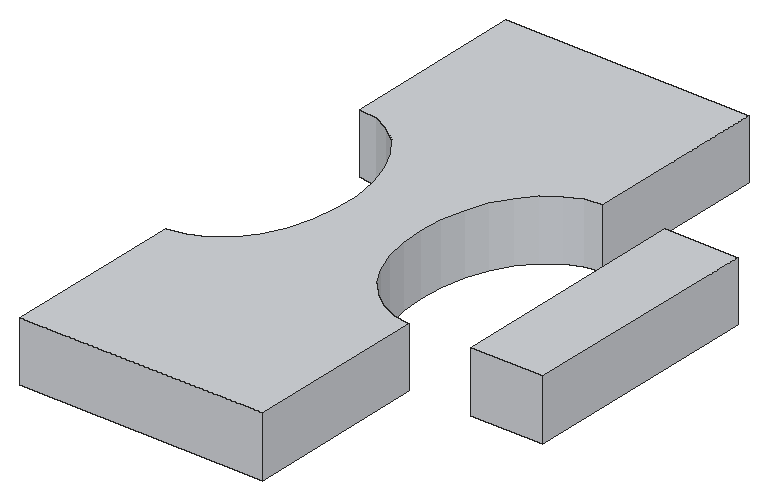
Revit family "電線管用ファミリ(片側のみ)_33", category Electrical Fixtures, Revit 2022
Family settings
  Round Connector Dimension = Use Diameter
  Part Type = Normal
  OmniClass Number = 23.80.00.00
  OmniClass Title = Electric Power and Lighting
  Work Plane-Based = No
  Always vertical = Yes
  Cut with Voids When Loaded = No
  Maintain Annotation Orientation = No
  Shared = No
  Room Calculation Point = No
Parameters
  コネクタ直径 [instance] = 16 mm
  W [instance] = 200 mm
  Default Elevation = 0 mm
  D [instance] = 500 mm
Reference planes
  plane 1 "Center (Front/Back)": y = 0
  plane 2: z = 0
  plane 3 "Center (Left/Right)": x = 0
  plane 4: x = -100
  plane 5: x = 100
  plane 6: y = 250
  plane 7: y = -250
  plane 8: z = 50
  plane 9: y = -100
  plane 10: y = 100
  plane 11: x = -50
  plane 12: x = 50
  plane 13: x = 150.956
  plane 14: x = 210.956
Forms (mm)
  Extrusion 1, solid
    sketch origin (0, 0, 0) x (1, 0, 0) y (0, 1, 0)
      loop
        line (-100, 250) -> (-100, -250) -> (100, -250) -> (100, 250) -> (-100, 250)
    from 0 to 50
  Extrusion 2, void
    sketch origin (0, 0, 0) x (1, 0, 0) y (0, 1, 0)
      loop
        line (-100, 100) -> (-100, -100)
        spline (-100, -100) -> (-81.883, -96.593) -> (-65, -86.603) -> (-50.503, -70.711) -> (-39.378, -50) -> (-32.385, -25.882) -> (-30, 0) -> (-32.385, 25.882) -> (-39.378, 50) -> (-50.503, 70.711) -> (-65, 86.603) -> (-81.883, 96.593) -> (-100, 100)
    from 0 to 50
  Extrusion 3, void
    sketch origin (0, 0, 0) x (1, 0, 0) y (0, 1, 0)
      loop
        spline (100, 100) -> (81.883, 96.593) -> (65, 86.603) -> (50.503, 70.711) -> (39.378, 50) -> (32.385, 25.882) -> (30, 0) -> (32.385, -25.882) -> (39.378, -50) -> (50.503, -70.711) -> (65, -86.603) -> (81.883, -96.593) -> (100, -100)
        line (100, -100) -> (100, 100)
    from 0 to 50
  Extrusion 4, solid
    sketch origin (0, 0, 0) x (1, 0, 0) y (0, 1, 0)
      loop
        line (150.956, 100) -> (150.956, -100) -> (210.956, -100) -> (210.956, 100) -> (150.956, 100)
    from 0 to 50
Cuts and joins
  Extrusion 2, Extrusion 3 cuts Extrusion 1
Dimensions and locks
  equal spacing: plane 4, plane 3 "Center (Left/Right)", plane 5
  "W": plane 4 to plane 5
  equal spacing: plane 6, plane 1 "Center (Front/Back)", plane 7
  "D": plane 6 to plane 7
  aligned and locked: level to plane 2
  aligned and locked: plane 8 to Extrusion 1
  aligned and locked: plane 8 to Extrusion 3
Automatic sketch dimensions
  Extrusion 1 sketch curve to plane 4 = 0 mm
  Extrusion 1 sketch curve to plane 5 = 0 mm
  Extrusion 1 sketch curve to plane 7 = 0 mm
  Extrusion 1 sketch curve to plane 6 = 0 mm
  Extrusion 2 sketch curve to plane 4 = 0 mm
  Extrusion 2 sketch curve to plane 9 = 0 mm
  Extrusion 2 sketch curve to plane 10 = 0 mm
  Extrusion 3 sketch curve to plane 5 = 0 mm
  Extrusion 3 sketch curve to plane 9 = 0 mm
  Extrusion 3 sketch curve to plane 10 = 0 mm
  Extrusion 4 sketch curve to plane 9 = 0 mm
  Extrusion 4 sketch curve to plane 13 = 0 mm
  Extrusion 4 sketch curve to plane 14 = 0 mm
  Extrusion 4 sketch curve to plane 10 = 0 mm
Connectors
  cabletrayconduit at (0, 0, 50), diameter 16
    settings: on Extrusion 1, index 1, connector width 300 mm, connector height 300 mm, connector angle 0.00°, system type 32, placement type 0, profile type 0, connector reference index -1, is primary connector yes, connector utility param no, connector description ""
